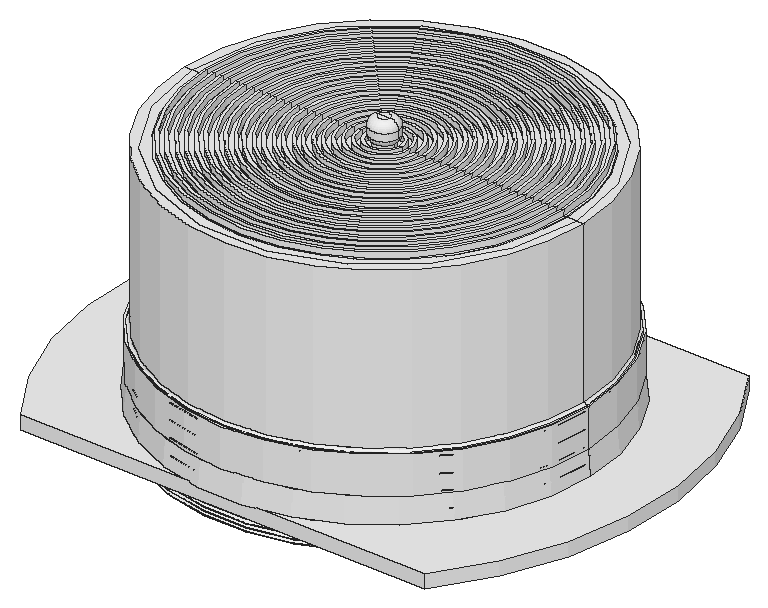
Revit family "50683_BEGA_Revit", category Lighting Fixtures, host Ceiling, Revit 2017
Family settings
  Host = Ceiling
  Round Connector Dimension = Use Diameter
  Part Type = Normal
  OmniClass Number = 23.80.70.11
  OmniClass Title = Luminaries for Internal Lighting
  Always vertical = Yes
  Cut with Voids When Loaded = No
  Light Source = Yes
  Shared = No
  Room Calculation Point = No
Parameters (values of type "STUDIO LINE - recessed ceiling luminaires")
  Wattage = 12.7439 W
  built-in parameter 1150110 = 1 (stored number, unit not read)
  built-in parameter 1114217 = 1 (stored number, unit not read)
  Tilt Angle = 90.00°
  built-in parameter 1150109 = 1 (stored number, unit not read)
  built-in parameter 1150134 = 12
  built-in parameter 1150113 = 1 (stored number, unit not read)
  Photometric Web File = "50686.2K4_BEGA_IES.ies"
  Model = "50 686"
  Manufacturer = "BEGA North America"
  Lumens = 1893 lm
  built-in parameter 1150115 = 1 (stored number, unit not read)
  built-in parameter 1150105 = 150.64 (stored number, unit not read)
  built-in parameter 1150137 = (empty or 0)
  built-in parameter 1150139 = (empty or 0)
  built-in parameter 1150112 = 1 (stored number, unit not read)
  built-in parameter 1150114 = 1 (stored number, unit not read)
  built-in parameter 1150132 = 2
  built-in parameter 1150102 = (empty or 0)
  built-in parameter 1150138 = (empty or 0)
  built-in parameter 1150107 = 4000 (stored number, unit not read)
  built-in parameter 1150106 = 1.5064 (stored number, unit not read)
  built-in parameter 1150104 = 13.8 (stored number, unit not read)
  Dimming Lamp Color Temperature Shift = <None>
  Description = "STUDIO LINE - recessed ceiling luminaires"
  Color Filter = 16777215
  built-in parameter 1114218 = 1 (stored number, unit not read)
  built-in parameter 1150133 = 10 (stored number, unit not read)
Types (3): name | Wattage | Photometric Web File | Lumens | built-in parameter 1150105 | built-in parameter 1150106
  (no name) | 12.7439 W | "50686.2K4_BEGA_IES.ies" | 1893 lm | 150.64 (stored number, unit not read) | 1.5064 (stored number, unit not read)
  Semi-Recessed ceiling luminaire | 23.2662 W | 0' - 0" | 3456 lm | 275.02 (stored number, unit not read) | 2.7502 (stored number, unit not read)
  STUDIO LINE - recessed ceiling luminaires | 12.7439 W | "50686.2K4_BEGA_IES.ies" | 1893 lm | 150.64 (stored number, unit not read) | 1.5064 (stored number, unit not read)
Reference planes (in)
  plane 1 "Light Source Axis (F/B)": y = 0
  plane 2 "Ceiling": z = 96
  plane 3 "Light Source Axis (L/R)": x = 0
  plane 4 "Light Source Elevation": z = 99.16033
Lines and regions (in)
  Opening 1
    outline origin (0, 0, 96) x (1, 0, 0) y (0, 1, 0)
      loop
        circle (0, 0) r 3.35171
Dimensions and locks (in)
  equal spacing: host sketch curve, plane 3 "Light Source Axis (L/R)", host sketch curve
  equal spacing: host sketch curve, plane 1 "Light Source Axis (F/B)", host sketch curve
  host sketch curve to host sketch curve = 10' - 0"  (x2)
  aligned and locked: plane 3 "Light Source Axis (L/R)" to imposter light
  aligned and locked: plane 1 "Light Source Axis (F/B)" to imposter light
  aligned and locked: plane 4 "Light Source Elevation" to imposter light
Nested families (in)
  nested 1: "50683" at (0, 0, 96), type "50683"
Definition of nested family "50683"
  Reference planes (in)
    plane 1 "Center (Front/Back)": y = 0
    plane 2: z = 0
    plane 3 "Center (Left/Right)": x = 0
  Forms (in)
    Revolve 1, solid
      sketch origin (0, 0, 0.14855) x (1, 0, 0) y (0, 0, 1)
        loop
          line (-3.26791, 4.14645) -> (-3.39927, 4.14645) -> (-3.39927, 1.4312)
          arc (-3.39927, 1.4312) -> (-3.41147, 1.4003) -> (-3.4415, 1.38609) r 0.04521
          line (-3.4415, 1.38609) -> (-3.4415, 1.28562)
          arc (-3.4415, 1.28562) -> (-3.38962, 1.23374) -> (-3.4415, 1.18186) r 0.05188
          line (-3.4415, 1.18186) -> (-3.4415, 1.11505) -> (-3.4415, 1.01458)
          arc (-3.4415, 1.01458) -> (-3.38962, 0.9627) -> (-3.4415, 0.91082) r 0.05188
          line (-3.4415, 0.91082) -> (-3.4415, 0.84401) -> (-3.4415, 0.74354)
          arc (-3.4415, 0.74354) -> (-3.38962, 0.69166) -> (-3.4415, 0.63978) r 0.05188
          line (-3.4415, 0.63978) -> (-3.4415, 0.57297) -> (-3.4415, 0.4725)
          arc (-3.4415, 0.4725) -> (-3.38962, 0.42062) -> (-3.4415, 0.36874) r 0.05188
          line (-3.4415, 0.36874) -> (-3.4415, 0.10592) -> (-3.40651, 0.05595) -> (-3.4415, 0.02096) -> (-3.40984, -0.0107) -> (-3.4415, -0.04237) -> (-3.41163, -0.07224) -> (-3.4415, -0.10211) -> (-3.39629, -0.14732) -> (-3.34873, -0.14732) -> (-3.23588, 4.02145) -> (-3.11029, 4.02145) -> (-3.11029, 4.14645) -> (-3.26791, 4.14645)
        axis (0, -0.14732) -> (0, 4.14645)
      angle from 0 to 360
    Extrusion 2, solid
      sketch origin (0.27935, 0, 0) x (1, 0, 0) y (0, 1, 0)
        loop
          arc (-3.72086, 3.4415) -> (-4.9157, -0.00393) -> (-3.72086, -3.44937) r 5.56502
          line (-3.72086, -3.44937) -> (3.16215, -3.44937)
          arc (3.16215, -3.44937) -> (4.33381, -0.00393) -> (3.16215, 3.4415) r 5.65172
          line (3.16215, 3.4415) -> (-3.72086, 3.4415)
      from 0.25448 to 0.47983
    Revolve 3, solid
      sketch origin (0.00129, 0, 0.12236) x (1, 0, 0) y (0, 0, 1)
        loop
          line (3.44021, 1.40864) -> (3.44021, 1.31194)
          arc (3.44021, 1.31194) -> (3.38785, 1.25958) -> (3.44021, 1.20722) r 0.05236
          line (3.44021, 1.20722) -> (3.44021, 1.04142)
          arc (3.44021, 1.04142) -> (3.388, 0.98922) -> (3.44021, 0.93701) r 0.0522
          line (3.44021, 0.93701) -> (3.44021, 0.76908)
          arc (3.44021, 0.76908) -> (3.38881, 0.71769) -> (3.44021, 0.66629) r 0.05139
          line (3.44021, 0.66629) -> (3.44021, 0.49749)
          arc (3.44021, 0.49749) -> (3.38893, 0.44621) -> (3.44021, 0.39494) r 0.05128
          line (3.44021, 0.39494) -> (3.44021, 0.35747) -> (3.51318, 0.35747) -> (3.47669, 0.7675) -> (3.47669, 1.40864) -> (3.44021, 1.40864)
        axis (0, 1.40864) -> (0, 0.35747)
      angle from 0 to 360
    Extrusion 4, void
      sketch origin (0, 0, 0) x (1, 0, 0) y (0, 1, 0)
        loop
          circle (-0.00645, -0.00711) r 3.21785
      from 0 to 0.56247
    Revolve 5, solid
      sketch origin (0, 0, 0) x (1, 0, 0) y (0, 0, 1)
        loop
          line (3.10981, 4.16856) -> (3.10981, 4.28656) -> (3.06093, 4.28656) -> (3.06093, 4.38456) -> (3.01763, 4.38456) -> (3.01763, 4.28656) -> (2.93627, 4.28656) -> (2.93627, 4.38456) -> (2.89057, 4.38456) -> (2.89057, 4.28656) -> (2.79609, 4.28656) -> (2.79609, 4.38456) -> (2.75279, 4.38456) -> (2.75279, 4.28656) -> (2.67143, 4.28656) -> (2.67143, 4.38456) -> (2.62573, 4.38456) -> (2.62573, 4.28656) -> (2.53125, 4.28656) -> (2.53125, 4.38456) -> (2.48795, 4.38456) -> (2.48795, 4.28656) -> (2.40659, 4.28656) -> (2.40659, 4.38456) -> (2.36088, 4.38456) -> (2.36088, 4.28656) -> (2.26641, 4.28656) -> (2.26641, 4.38456) -> (2.2231, 4.38456) -> (2.2231, 4.28656) -> (2.14175, 4.28656) -> (2.14175, 4.38456) -> (2.09604, 4.38456) -> (2.09604, 4.28656) -> (2.00156, 4.28656) -> (2.00156, 4.38456) -> (1.95826, 4.38456) -> (1.95826, 4.28656) -> (1.8996, 4.28656) -> (1.8996, 4.38456) -> (1.85389, 4.38456) -> (1.85389, 4.28656) -> (1.75941, 4.28656) -> (1.75941, 4.38456) -> (1.71611, 4.38456) -> (1.71611, 4.28656) -> (1.63476, 4.28656) -> (1.63476, 4.38456) -> (1.58905, 4.38456) -> (1.58905, 4.28656) -> (1.49457, 4.28656) -> (1.49457, 4.38456) -> (1.45127, 4.38456) -> (1.45127, 4.28656) -> (1.36991, 4.28656) -> (1.36991, 4.38456) -> (1.32421, 4.38456) -> (1.32421, 4.28656) -> (1.22973, 4.28656) -> (1.22973, 4.38456) -> (1.18643, 4.38456) -> (1.18643, 4.28656) -> (1.10507, 4.28656) -> (1.10507, 4.38456) -> (1.05937, 4.38456) -> (1.05937, 4.28656) -> (0.96489, 4.28656) -> (0.96489, 4.38456) -> (0.92159, 4.38456) -> (0.92159, 4.28656) -> (0.84023, 4.28656) -> (0.84023, 4.38456) -> (0.79453, 4.38456) -> (0.79453, 4.28656) -> (0.70005, 4.28656) -> (0.70005, 4.38456) -> (0.65675, 4.38456) -> (0.65675, 4.28656) -> (0.57539, 4.28656) -> (0.57539, 4.38456) -> (0.52968, 4.38456) -> (0.52968, 4.28656) -> (0.43521, 4.28656) -> (0.43521, 4.38456) -> (0.3919, 4.38456) -> (0.3919, 4.28656) -> (0.31055, 4.28656) -> (0.31055, 4.38456) -> (0.26484, 4.38456) -> (0.26484, 4.28656) -> (0.17036, 4.28656) -> (0.17036, 4.38572)
          arc (0.17036, 4.38572) -> (0.21859, 4.41989) -> (0.23708, 4.47602) r 0.09448
          line (0.23708, 4.47602) -> (0.23708, 4.60078)
          arc (0.23708, 4.60078) -> (0.19672, 4.6982) -> (0.0993, 4.73856) r 0.13778
          line (0.0993, 4.73856) -> (0, 4.73856) -> (0, 4.64993)
          arc (0, 4.64993) -> (0.09966, 4.55027) -> (0, 4.45061) r 0.09966
          line (0, 4.45061) -> (0, 4.10606) -> (3.1691, 4.10606) -> (3.2901, 0.01073) -> (3.35105, 0.01073) -> (3.2282, 4.16856) -> (3.10981, 4.16856)
        axis (0, 4.73856) -> (0, 0.01073)
      angle from 0 to 360
    Revolve 6, solid
      sketch origin (0, 0, 1.58346) x (1, 0, 0) y (0, 0, 1)
        loop
          arc (0, 1.57753) -> (0.31194, 1.66347) -> (0.53585, 1.89705) r 0.60909
          arc (0.53585, 1.89705) -> (1.4961, 1.24198) -> (2.257, 0.36322) r 4.50942
          line (2.257, 0.36322) -> (2.32791, 0.36322) -> (2.39919, 0.22333) -> (2.4344, 0.24127) -> (2.34859, 0.38991) -> (2.27679, 0.38991)
          arc (2.27679, 0.38991) -> (1.51266, 1.26908) -> (0.55, 1.92491) r 4.54067
          line (0.55, 1.92491) -> (0.47986, 1.92491)
          arc (0.47986, 1.92491) -> (0.27903, 1.71661) -> (0, 1.64003) r 0.54659
          line (0, 1.64003) -> (0, 1.57753)
        axis (0, 1.92491) -> (0, 0.22333)
      angle from 0 to 360
    Revolve 7, solid
      sketch origin (0, 0, 4.09211) x (1, 0, 0) y (0, 0, 1)
        loop
          line (2.32732, -2.14544) -> (2.257, -2.14544) -> (3.236, -4.07444) -> (3.30632, -4.07444) -> (2.32732, -2.14544)
        axis (0, -2.14544) -> (0, -4.07444)
      angle from 0 to 360
    Revolve 8, solid
      sketch origin (-0.00196, 0, 3.79056) x (1, 0, 0) y (0, 0, 1)
        loop
          line (3.22233, -3.74163) -> (3.17738, -3.74163) -> (3.17738, -3.78933) -> (3.34976, -3.78933) -> (3.34976, -3.73293) -> (3.31512, -3.73293) -> (3.31512, -3.77289) -> (3.22233, -3.77289) -> (3.22233, -3.74163)
        axis (0, -3.73293) -> (0, -3.78933)
      angle from 0 to 360
  Cuts and joins
    Extrusion 4 cuts Extrusion 2
    Extrusion 4 cuts Revolve 3
    joined: Extrusion 2, Revolve 3
    Extrusion 4 cuts Revolve 1
  Lines and regions (in)
    reference lines
      curve 1: line (-0.26484, 0, 0) -> (0.26484, 0, 0)
      curve 2: line (-3.4415, 0, 0) -> (-3.4415, 3.4415, 0)
      curve 3: line (3.4415, 0, 0) -> (3.4415, 3.4415, 0)
  Dimensions and locks (in)
    aligned and locked: plane 2 to level
